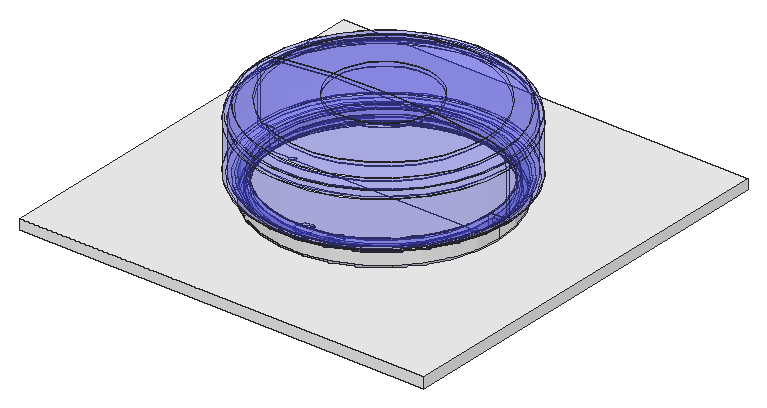
Revit family "BE_50030_de_DE", category Leuchten, Revit 2020
Family settings
  Basisbauteil = Fläche
  Bemaßung runder Anschluss = Durchmesser verwenden
  Teiletyp = Normal
  Beim Laden mit Abzugskörper schneiden = Ja
  Lichtquelle = Ja
  Gemeinsam genutzt = Nein
  Raumberechnungspunkt = Ja
Parameters (values of type "BEGA_50030_K3")
  built-in parameter 1150104 = 11.752 (stored number, unit not read)
  Wattage = 11.9 W
  Default Elevation = 0 mm
  built-in parameter 1150113 = 1 (stored number, unit not read)
  built-in parameter 1114218 = 1 (stored number, unit not read)
  Umgebungstemperatur = "25 °C"
  URL = "https://www.bega.com/de/produkt/50030"
  Typenkommentare = "© 2022 BEGA. Wir behalten uns das Recht vor, technische Änderungen ohne vorherige Ankündigung vorzunehmen."  # constant formula
  built-in parameter 1150134 = (empty or 0)
  built-in parameter 1150109 = 1 (stored number, unit not read)
  Strom = ""
  built-in parameter 1150110 = 1 (stored number, unit not read)
  Spannung = 239.996 V
  Sonderanfertigung = no
  Seriennummer [instance] = "Hier können Sie die eindeutige Seriennummer für das Facility Management eintragen."
  Schutzklasse = "I"
  Schutzart = "IP 20"
  Scheinlast = 0 VA
  Produktdatenblatt = "http://www.bega.de/download/Xrfa/db/50030.db.de.pdf"
  Oberflächentemperatur = ""
  Neigungswinkel = 0.00°
  Model = "50030K2"
  Material_17 = BEGA_Reflektor
  Material_15 = BEGA_Leuchtmedium_matt
  Material_11 = BEGA_Glas_opal
  Material_09 = BEGA_Glas_klar
  Material_06 = BEGA_Oberfläche_Edelstahl_gebürstet
  Material_03 = BEGA_Oberfläche_Weiss_matt
  Material_02 = BEGA_Oberfläche_Silber_matt
  Material_01 [instance] = BEGA_Oberfläche_Grafit_matt
  M_W = no
  M_G = no
  M_A = no
  Logo = 0
  built-in parameter 1114217 = 1 (stored number, unit not read)
  built-in parameter 1150139 = (empty or 0)
  built-in parameter 1150105 = 316.23 (stored number, unit not read)
  built-in parameter 1150114 = 1 (stored number, unit not read)
  Lumens = 1505.35 lm
  built-in parameter 1150115 = 1 (stored number, unit not read)
  Leuchtenlichtstrom = "874 lm"
  Leuchtenanzahl = ""
  Lebensdauerkriterien = "L70B50 @ 25 °C = 161000 h"
  Lastklassifizierung = Beleuchtung
  built-in parameter 1150112 = 1 (stored number, unit not read)
  Lampenlichtstrom = "1505 lm"
  Lamp = "LED 11.9 W"
  LED_Modulbezeichnung = "LED-0509/927"
  Hersteller = "BEGA"  # constant formula
  Halbstreuwinkel = ""
  Gewicht = "1.65 kg"
  Gebrauchslageneinschränkung [instance] = ""
  Frequenz = "50-60 Hz"
  Farbwiedergabeindex = "CRI > 90"
  Farbtemperaturverschiebung bei Dämpfen der Lampe = <Keine Auswahl>
  Farbtemperatur = "2700 K"
  Color Filter = 16777215
  built-in parameter 1150133 = 10 (stored number, unit not read)
  Energieeffizienzklasse = "LED A++ - A"
  built-in parameter 1150137 = (empty or 0)
  built-in parameter 1150132 = (empty or 0)
  ENEC = "ja"
  Dimmbar [instance] = ""
  Photometric Web File = "BE_50030K2.IES"
  CE_Konformität = "ja"
  Bestellnummer = "50030K2"
  Beschreibung_Sonderanfertigung = "Hier können Sie Informationen zur Sonderanfertigung eintragen."
  Beschreibung = "Decken- und Wandleuchte"
  built-in parameter 1150106 = 3.1623 (stored number, unit not read)
  Befestigungsbohrung = "Ø 5,5 mm"
  Befestigungsabstand = "180 mm"
  Ballwurfsicher = ""
  BEGA_Intern_aus = yes
  BEGA_Intern_an = yes
  BEGA_Intern_Konstruktion = yes
  BEGA_Intern = yes
  BEGA_IES = yes
  BEGA_Dummy = no
  Anschlussleitung = ""
  Anschlussleistung [instance] = "15.8 W"
  Anschlusskasten = ""
  built-in parameter 1150107 = 2700 (stored number, unit not read)
  built-in parameter 1150102 = (empty or 0)
  built-in parameter 1150138 = (empty or 0)
  Aktualisierung = "2020-05-11T04:00:10"
  Abstand_zur_angestrahlten_Fläche [instance] = ""
  AC/DC = "AC"
Types (3, lengths in mm): name | built-in parameter 1150104 | built-in parameter 1150134 | Model | built-in parameter 1150105 | Lumens | Leuchtenlichtstrom | Lampenlichtstrom | LED_Modulbezeichnung | Farbtemperatur | Photometric Web File | Bestellnummer | built-in parameter 1150106 | built-in parameter 1150107
  BEGA_50030_K3 | 11.827 (stored number, unit not read) | (empty or 0) | "50030K3" | 318.31 (stored number, unit not read) | 1514.87 lm | "1001 lm" | "1725 lm" | "LED-0509/930" | "3000 K" | "BE_50030K3.IES" | "50030K3" | 3.1831 (stored number, unit not read) | 3000 (stored number, unit not read)
  BEGA_50030_K4 | 12.263 (stored number, unit not read) | 12 | "50030K4" | 125 (stored number, unit not read) | 1570.8 lm | "1042 lm" | "1795 lm" | "LED-0509/940" | "4000 K" | "BE_50030K4.IES" | "50030K4" | 1.25 (stored number, unit not read) | 4000 (stored number, unit not read)
  BEGA_50030_K27 | 12.263 (stored number, unit not read) | 12 | "50030K27" | 125 (stored number, unit not read) | 1570.8 lm | "970 lm" | "1670 lm" | "LED-0509/927" | "2700 K" | "BE_50030K27.IES" | "50030K27" | 1.25 (stored number, unit not read) | 4000 (stored number, unit not read)
Reference planes
  plane 1 "Mitte (Vorne/Hinten)": y = 0
  plane 2: z = 0
  plane 3 "Mitte (Links/Rechts)": x = 0
  plane 4 "Links": x = -125
  plane 5 "Rechts": x = 125
  plane 6 "Unten": y = -125
  plane 7 "Oben": y = 125
  plane 8 "Vorne": z = 94.4
  plane 9 "Hinten": z = 0
Forms (mm)
  Extrusion 1, solid, material "BEGA_Platte_Weiss"
    sketch origin (0, -1119.2, 0) x (1, 0, 0) y (0, 1, 0)
      loop
        line (-200, 1319.2) -> (-200, 919.2) -> (200, 919.2) -> (200, 1319.2) -> (-200, 1319.2)
    from 0 to -10
  Extrusion 2, solid, material "BEGA_Dummy_matt", visible <- "BEGA_Dummy"
    sketch origin (77.149, -76.023, 0) x (1, 0, 0) y (0, 1, 0)
      loop
        circle (-77.149, 76.023) r 125
    from 0 to 94.4
Dimensions and locks
  plane 1 "Mitte (Vorne/Hinten)" to Extrusion 1 = 200 mm
  aligned and locked: plane 2 to Extrusion 1
  aligned and locked: level to Extrusion 1
Nested families
  nested 1: "BE_50030" at (0, 0, 0) x (0, -1, 0) z (0, 0, 1), type "BE_50030"
Connectors
  electrical at (0, 0, 0), driven by "Lastklassifizierung", driven by "Spannung", driven by "Scheinlast"
    settings: index 1, voltage 239.996 V, apparent load 0 VA, apparent load phase1 0 VA, apparent load phase2 0 VA, apparent load phase3 0 VA, power factor 1, load classification "Beleuchtung", number of poles 1, system type 31, power factor state 1, is connector primary yes, connector utility no, sub classification motor no, connector description ""
Definition of nested family "BE_50030"
  Parameters (values of type "BE_50030")
    Default Elevation = 1 mm
    URL = "http://www.bega.de/de/produkt"
    Type Comments = "© 2015 BEGA. Wir behalten uns das Recht vor, technische Änderungen ohne vorherige Ankündigung vorzunehmen. "  # constant formula
    Type Image = (empty or 0)
    Neigungswinkel_um_Z2 = 0.00°
    Neigungswinkel_um_Z1 = 0.00°
    Neigungswinkel_um_Y2 = 0.00°
    Neigungswinkel_um_Y1 = 0.00°
    Neigungswinkel_um_X2 = 0.00°
    Neigungswinkel_um_X1 = 0.00°
    Material_17 = none
    Material_15 = none
    Material_11 = none
    Material_09 = none
    Material_06 = none
    Material_05 = none
    Material_03 = none
    Material_02 = none
    Material_01 = none
    M_W = yes
    M_G = yes
    M_A = yes
    Länge_Platte = 400 mm  # constant formula
    Höhe_Platte = -10 mm  # constant formula
    Manufacturer = "BEGA"  # constant formula
    Drehwinkel_um_Z2 = 0.00°
    Drehwinkel_um_Z1 = 0.00°
    Breite_Platte = 400 mm  # constant formula
  Reference planes
    plane 1 "Mitte (Oben/Unten)": y = 0
    plane 2: z = 0
    plane 3 "Mitte (Links/Rechts)": x = 0
    plane 4: y = 125
    plane 5: y = -125
    plane 6: z = 94.4
    plane 7: x = -125
    plane 8: x = 125
  Forms (mm)
    Extrusion 1, solid, detail levels medium
      sketch origin (0, 0, 0) x (1, 0, 0) y (0, 1, 0)
        loop
          line (-200, 200) -> (-200, -200) -> (200, -200) -> (200, 200) -> (-200, 200)
      from 0 to -10 <- "Höhe_Platte"
    Revolve 2, solid, material <- "Material_03", detail levels medium+fine
      sketch origin (0, 0, 0) x (0, 1, 0) y (0, 0, 1)
        loop
          line (117.5, 19.8) -> (117.5, 20.8) -> (115.331, 20.8)
          arc (115.331, 20.8) -> (114.063, 20.284) -> (113.524, 19.025) r 1.8
          line (113.524, 19.025) -> (113.276, 4.767)
          arc (113.276, 4.767) -> (112.825, 3.728) -> (111.776, 3.3) r 1.5
          line (111.776, 3.3) -> (0, 3.3) -> (0, 2.3) -> (111.776, 2.3)
          arc (111.776, 2.3) -> (113.525, 3.014) -> (114.275, 4.748) r 2.5
          line (114.275, 4.748) -> (114.524, 19.01)
          arc (114.524, 19.01) -> (114.764, 19.571) -> (115.329, 19.8) r 0.8
          line (115.329, 19.8) -> (117.5, 19.8)
        axis (0, 2.3) -> (0, 20.8)
      angle from 0 to 360
    Revolve 3, solid, material <- "Material_03", detail levels medium+fine
      sketch origin (0, 0, 0) x (0, 1, 0) y (0, 0, 1)
        loop
          arc (99.13, 1.943) -> (99.474, 2.206) -> (99.896, 2.3) r 1
          line (99.896, 2.3) -> (100.896, 3.3) -> (92.75, 3.3) -> (92.75, 0) -> (96.108, 0)
          arc (96.108, 0) -> (97.369, 0.281) -> (98.395, 1.067) r 3
          line (98.395, 1.067) -> (99.13, 1.943)
        axis (90, 3.3) -> (90, 0)
      angle from 0 to 360
    Revolve 4, solid, material <- "Material_03", detail levels medium+fine
      sketch origin (0, 0, 0) x (0, -1, 0) y (0, 0, 1)
        loop
          arc (99.13, 1.943) -> (99.474, 2.206) -> (99.896, 2.3) r 1
          line (99.896, 2.3) -> (100.896, 3.3) -> (92.75, 3.3) -> (92.75, 0) -> (96.108, 0)
          arc (96.108, 0) -> (97.369, 0.281) -> (98.395, 1.067) r 3
          line (98.395, 1.067) -> (99.13, 1.943)
        axis (90, 3.3) -> (90, 0)
      angle from 0 to 360
    Extrusion 5, void
      sketch origin (0, 0, 0) x (1, 0, 0) y (0, 1, 0)
        loop
          circle (80, 15) r 8.5
        loop
          circle (80, -15) r 8.5
        loop
          circle (0, 90) r 2.75
        loop
          circle (0, -90) r 2.75
      from 1.096 to 7.205
    Revolve 6, solid, material <- "Material_11", detail levels medium+fine
      sketch origin (0, 0, 0) x (0, 1, 0) y (0, 0, 1)
        loop
          line (107.5, 12.214) -> (107.5, 20.4) -> (122.157, 21.168)
          arc (122.157, 21.168) -> (124.176, 22.099) -> (125, 24.164) r 3
          line (125, 24.164) -> (125, 69.391)
          arc (125, 69.391) -> (124.681, 72.948) -> (123.735, 76.391) r 20
          arc (123.735, 76.391) -> (121.144, 80.63) -> (117.158, 83.582) r 13
          arc (117.158, 83.582) -> (109.272, 86.676) -> (101.03, 88.629) r 60
          arc (101.03, 88.629) -> (75.117, 91.988) -> (49.04, 93.648) r 400
          arc (49.04, 93.648) -> (24.523, 94.212) -> (0, 94.4) r 1600.011
          line (0, 94.4) -> (0, 90.6)
          arc (0, 90.6) -> (24.398, 90.414) -> (48.79, 89.854) r 1596.211
          arc (48.79, 89.854) -> (74.692, 88.212) -> (100.431, 84.877) r 396.2
          arc (100.431, 84.877) -> (108.139, 83.049) -> (115.512, 80.156) r 56.2
          arc (115.512, 80.156) -> (118.33, 78.076) -> (120.166, 75.094) r 9.2
          arc (120.166, 75.094) -> (120.94, 72.293) -> (121.2, 69.4) r 16.2
          line (121.2, 69.4) -> (121.2, 24.923) -> (106.543, 24.155)
          arc (106.543, 24.155) -> (104.524, 23.224) -> (103.7, 21.159) r 3
          line (103.7, 21.159) -> (103.7, 16.4) -> (103.7, 11.174)
          arc (103.7, 11.174) -> (104.099, 9.678) -> (105.19, 8.579) r 3.003
          line (105.19, 8.579) -> (106.963, 7.556)
          arc (106.963, 7.556) -> (108.068, 6.43) -> (108.449, 4.9) r 3.003
          line (108.449, 4.9) -> (112.25, 4.9) -> (112.25, 8.894) -> (107.997, 11.349)
          arc (107.997, 11.349) -> (107.633, 11.715) -> (107.5, 12.214) r 1.001
        axis (0, 94.4) -> (0, 4.9)
      angle from 0 to 360
  Cuts and joins
    Extrusion 5 cuts Revolve 2
    Extrusion 5 cuts Revolve 3
    Extrusion 5 cuts Revolve 4
    joined: Revolve 2, Revolve 3, Revolve 4
  Dimensions and locks
    equal spacing: Extrusion 1 sketch curve, plane 3 "Mitte (Links/Rechts)", Extrusion 1 sketch curve
    equal spacing: Extrusion 1 sketch curve, plane 1 "Mitte (Oben/Unten)", Extrusion 1 sketch curve
    "Länge_Platte": Extrusion 1 sketch curve to Extrusion 1 sketch curve
    "Breite_Platte": Extrusion 1 sketch curve to Extrusion 1 sketch curve
    aligned and locked: plane 2 to Extrusion 1
    aligned and locked: level to Extrusion 1
  Automatic sketch dimensions
    Revolve 2 sketch curve to Revolve 2 sketch curve = 0 mm  (x11)
    Revolve 2 sketch curve to plane 1 "Mitte (Oben/Unten)" = 0 mm  (x2)
    Revolve 2 sketch curve to Revolve 2 sketch curve = 1.5 mm
    Revolve 2 sketch curve to Revolve 2 sketch curve = 1 mm  (x3)
    Revolve 2 sketch curve to Revolve 2 sketch curve = 0.8 mm
    Revolve 2 sketch curve to Revolve 2 sketch curve = 0.004 mm
    Revolve 2 sketch curve to Revolve 2 sketch curve = 0.002 mm
    Revolve 2 sketch curve to Revolve 2 sketch curve = 2.169 mm
    level to Revolve 2 sketch curve = 2.3 mm
    Revolve 2 sketch curve to Revolve 2 sketch curve = 1.448 mm
    Revolve 2 sketch curve to Revolve 2 sketch curve = 0.02 mm
    Revolve 2 sketch curve to Revolve 2 sketch curve = 0.033 mm
    Revolve 2 sketch curve to Revolve 2 sketch curve = 14.252 mm
    Revolve 2 sketch curve to Revolve 2 sketch curve = 0.01 mm
    Revolve 2 sketch curve to Revolve 2 sketch curve = 0.015 mm
    Revolve 2 sketch curve to Revolve 2 sketch curve = 4 mm
    Revolve 3 sketch curve to level = 0 mm
    level to Revolve 3 sketch curve = 3.3 mm
    Revolve 3 sketch curve to Revolve 3 sketch curve = 3.351 mm
    Revolve 3 sketch curve to Revolve 3 sketch curve = 0.007 mm
    level to Revolve 3 sketch curve = 1.067 mm
    Revolve 3 sketch curve to Revolve 3 sketch curve = 2.287 mm
    level to Revolve 3 sketch curve = 2.3 mm
    Revolve 3 sketch curve to Revolve 3 sketch curve = 1.501 mm
    Revolve 3 sketch curve to Revolve 3 sketch curve = 0 mm  (x2)
    Revolve 3 sketch curve to Revolve 3 sketch curve = 1 mm  (x2)
    Revolve 3 sketch curve to Revolve 3 sketch curve = 2.75 mm
    level to Revolve 3 sketch curve = 1.943 mm
    Revolve 3 sketch curve to Revolve 3 sketch curve = 0.766 mm
    Revolve 3 sketch curve to level = 2.001 mm
    Revolve 3 sketch curve to Revolve 3 sketch curve = 2 mm
    Revolve 4 sketch curve to level = 0 mm
    Revolve 4 sketch curve to level = 3.3 mm
    Revolve 4 sketch curve to Revolve 4 sketch curve = 3.351 mm
    Revolve 4 sketch curve to Revolve 4 sketch curve = 0.007 mm
    Revolve 4 sketch curve to level = 1.067 mm
    Revolve 4 sketch curve to Revolve 4 sketch curve = 2.287 mm
    Revolve 4 sketch curve to level = 2.3 mm
    Revolve 4 sketch curve to Revolve 4 sketch curve = 1.501 mm
    Revolve 4 sketch curve to Revolve 4 sketch curve = 0 mm  (x2)
    Revolve 4 sketch curve to Revolve 4 sketch curve = 1 mm  (x2)
    Revolve 4 sketch curve to Revolve 4 sketch curve = 2.75 mm
    Revolve 4 sketch curve to level = 1.943 mm
    Revolve 4 sketch curve to Revolve 4 sketch curve = 0.766 mm
    level to Revolve 4 sketch curve = 2.001 mm
    Revolve 4 sketch curve to Revolve 4 sketch curve = 2 mm
    Revolve 6 sketch curve to Revolve 6 sketch curve = 1.49 mm
    Revolve 6 sketch curve to Revolve 6 sketch curve = 0.257 mm
    Revolve 6 sketch curve to Revolve 6 sketch curve = 1.513 mm
    level to Revolve 6 sketch curve = 7.556 mm
    Revolve 6 sketch curve to Revolve 6 sketch curve = 1.773 mm
    Revolve 6 sketch curve to Revolve 6 sketch curve = 3.8 mm  (x2)
    Revolve 6 sketch curve to Revolve 6 sketch curve = 0.497 mm
    Revolve 6 sketch curve to Revolve 6 sketch curve = 3.002 mm
    Revolve 6 sketch curve to Revolve 6 sketch curve = 0.504 mm
    Revolve 6 sketch curve to Revolve 6 sketch curve = 3.801 mm
    Revolve 6 sketch curve to Revolve 6 sketch curve = 2.592 mm
    Revolve 6 sketch curve to Revolve 6 sketch curve = 1.024 mm
    Revolve 6 sketch curve to Revolve 6 sketch curve = 3.994 mm
    Revolve 6 sketch curve to Revolve 6 sketch curve = 2.594 mm
    Revolve 6 sketch curve to Revolve 6 sketch curve = 0.176 mm
    Revolve 6 sketch curve to Revolve 6 sketch curve = 0.865 mm
    Revolve 6 sketch curve to Revolve 6 sketch curve = 4.186 mm
    Revolve 6 sketch curve to Revolve 6 sketch curve = 0 mm  (x24)
    Revolve 6 sketch curve to Revolve 6 sketch curve = 4.759 mm
    level to Revolve 6 sketch curve = 40.4 mm
    Revolve 2 sketch curve to plane 1 "Mitte (Oben/Unten)" = 111.776 mm
    Revolve 2 sketch curve to Revolve 2 sketch curve = 0.249 mm
    Revolve 3 sketch curve to plane 1 "Mitte (Oben/Unten)" = 92.75 mm
    Revolve 4 sketch curve to plane 1 "Mitte (Oben/Unten)" = 92.75 mm
    Extrusion 5 sketch curve to plane 3 "Mitte (Links/Rechts)" = 0 mm  (x2)
    plane 1 "Mitte (Oben/Unten)" to Extrusion 5 sketch curve = 15 mm
    Extrusion 5 sketch curve to plane 1 "Mitte (Oben/Unten)" = 15 mm
    Extrusion 5 sketch curve to Extrusion 5 sketch curve = 0 mm
    Revolve 6 sketch curve to Revolve 6 sketch curve = 0.157 mm  (x2)
    Revolve 6 sketch curve to Revolve 6 sketch curve = 16.2 mm
    Revolve 6 sketch curve to Revolve 6 sketch curve = 6.557 mm
    Revolve 6 sketch curve to Revolve 6 sketch curve = 0.009 mm  (x3)
    Revolve 6 sketch curve to Revolve 6 sketch curve = 2.45 mm
    Revolve 6 sketch curve to Revolve 6 sketch curve = 3.955 mm
    Revolve 6 sketch curve to Revolve 6 sketch curve = 1.645 mm
    Revolve 6 sketch curve to Revolve 6 sketch curve = 1.034 mm
    Revolve 6 sketch curve to Revolve 6 sketch curve = 45.227 mm
    Revolve 6 sketch curve to Revolve 6 sketch curve = 12.348 mm
    Revolve 6 sketch curve to Revolve 6 sketch curve = 8.256 mm
    Revolve 6 sketch curve to Revolve 6 sketch curve = 15.081 mm
    Revolve 6 sketch curve to plane 1 "Mitte (Oben/Unten)" = 36.68 mm
    Revolve 6 sketch curve to level = 306.161 mm
    plane 1 "Mitte (Oben/Unten)" to Revolve 6 sketch curve = 0 mm  (x2)
    Revolve 6 sketch curve to Revolve 6 sketch curve = 1199.45 mm
    Revolve 6 sketch curve to plane 1 "Mitte (Oben/Unten)" = 0 mm  (x2)
    Revolve 6 sketch curve to Revolve 6 sketch curve = 33.648 mm
    Revolve 6 sketch curve to Revolve 6 sketch curve = 20 mm
    Revolve 6 sketch curve to Revolve 6 sketch curve = 0.8 mm  (x2)
    Revolve 6 sketch curve to Revolve 6 sketch curve = 0.759 mm  (x2)
    Extrusion 5 sketch curve to plane 1 "Mitte (Oben/Unten)" = 90 mm
    Revolve 6 sketch curve to plane 1 "Mitte (Oben/Unten)" = 91.352 mm
    Revolve 6 sketch curve to Revolve 6 sketch curve = 13.648 mm
    Revolve 6 sketch curve to Revolve 6 sketch curve = 0.25 mm
    plane 1 "Mitte (Oben/Unten)" to Extrusion 5 sketch curve = 90 mm
    Revolve 6 sketch curve to Revolve 6 sketch curve = 3.764 mm
    Revolve 6 sketch curve to Revolve 6 sketch curve = 50.2 mm
    Revolve 6 sketch curve to plane 1 "Mitte (Oben/Unten)" = 48.79 mm
    Revolve 6 sketch curve to Revolve 6 sketch curve = 0.599 mm
    Revolve 6 sketch curve to Revolve 6 sketch curve = 0.2 mm
    plane 3 "Mitte (Links/Rechts)" to Extrusion 5 sketch curve = 80 mm
    radius of Extrusion 5 sketch curve = 8.5 mm  (x2)
    radius of Extrusion 5 sketch curve = 2.75 mm  (x2)
